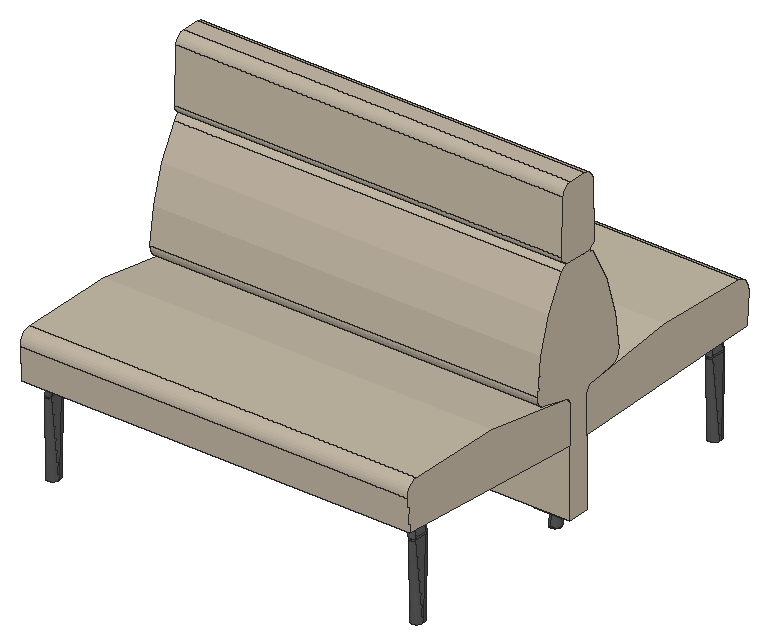
Revit family "FU_Modular_Sandler_Ambit 1067", category Furniture, Revit 2020
Family settings
  OmniClass Number = 23.40.20.00
  OmniClass Title = General Furniture and Specialties
  Work Plane-Based = No
  Always vertical = Yes
  Cut with Voids When Loaded = No
  Shared = No
  Room Calculation Point = No
Parameters (values of type "Ambit 1067")
  Width = 1200 mm
  URL = "https://www.sandlerseating.com/product/ambit-1067/"
  Seat [instance] = Fabric - Mainline Flax - Upminster MLF20
  Panel Height = 990 mm
  Panel [instance] = Fabric - Mainline Flax - Upminster MLF20
  Model = "Ambit 1067"
  Manufacturer = "Sandler"
  Back Height = 770 mm
  Frame [instance] = Metal - Paint -AL VR - Matt Jet Black
  Description = "Modular seating system. Upholstered seat and back, with feet in cast aluminium."
  Depth = 1320 mm
  Default Elevation = 0 mm
  Back [instance] = Fabric - Mainline Flax - Upminster MLF20
Reference planes
  plane 1 "Center (Front/Back)": y = 0
  plane 2: z = 0
  plane 3 "Center (Left/Right)": x = 0
  plane 4 "Right": x = -600
  plane 5 "Left": x = 600
  plane 6 "Back": y = 660
  plane 7 "Front": y = -660
  plane 8 "Height": z = 770
  plane 9 "Seat height": z = 430
  plane 10 "Panel Height": z = 990
Dimensions and locks
  equal spacing: plane 4 "Right", plane 3 "Center (Left/Right)", plane 5 "Left"
  "Width": plane 4 "Right" to plane 5 "Left"
  equal spacing: plane 6 "Back", plane 1 "Center (Front/Back)", plane 7 "Front"
  "Depth": plane 6 "Back" to plane 7 "Front"
  "Back Height": plane 8 "Height" to level
  plane 9 "Seat height" to level = 430 mm
  "Panel Height": plane 10 "Panel Height" to level
  aligned and locked: level to plane 2
Nested families
  nested 1: "Ambit DoubleBack" at (0, 0, 0), Back <- "Back", Frame <- "Frame", type "1200mm Double Back"
    with Frame Metal - Paint -AL VR - Matt Jet Black, Back Fabric - Mainline Flax - Upminster MLF20
  nested 2: "Ambit Double-Panel" at (0, 0, 0), Panel <- "Panel", type "1200mm Double Panel"
    with Panel Fabric - Mainline Flax - Upminster MLF20
  nested 3: "Ambit Seat" at (0, -310, 0), Frame <- "Frame", Seat <- "Seat", type "Seat 1200mm"
    with Seat Fabric - Mainline Flax - Upminster MLF20, Frame Metal - Paint -AL VR - Matt Jet Black
  nested 4: "Ambit Seat" at (0, 310, 0), Frame <- "Frame", Seat <- "Seat", type "Seat 1200mm"
    with Seat Fabric - Mainline Flax - Upminster MLF20, Frame Metal - Paint -AL VR - Matt Jet Black
Definition of nested family "Ambit DoubleBack"
  Parameters (values of type "1200mm Double Back")
    Width = 1200 mm
    Height = 770 mm
    Frame [instance] = none
    Depth = 320 mm
    Default Elevation = 0 mm
    Back [instance] = none
  Types (3, lengths in mm): name | Width
    (no name) | 1200
    800mm Double Back | 800
    1200mm Double Back | 1200
  Reference planes
    plane 1 "Center (Front/Back)": y = 0
    plane 2: z = 0
    plane 3 "Center (Left/Right)": x = 0
    plane 4 "Right": x = -600
    plane 5 "Left": x = 600
    plane 6 "Back": y = 160
    plane 7 "Front": y = -160
    plane 8 "Height": z = 770
    plane 9 "Seat height": z = 430
    plane 10 "Back Foot Right": x = -530.534
    plane 11 "Back Foot Left": x = 530.534
  Forms (mm)
    Revolve 1, solid, material <- "Frame"
      sketch origin (-530.534, 0, 0) x (0, 0, 1) y (0, -1, 0)
        loop
          line (40.637, 14.262) -> (2.1, 17.115)
          arc (2.1, 17.115) -> (0.817, 16.784) -> (0, 15.742) r 2.065
          line (0, 15.742) -> (0, -0.276) -> (48.022, -0.276) -> (48.022, 19.244) -> (46.076, 19.244)
          arc (46.076, 19.244) -> (44.432, 15.579) -> (40.637, 14.262) r 5.065
        axis (48.022, -0.276) -> (0, -0.276)
      angle from 0 to 360
    Extrusion 2, solid, material <- "Frame"
      sketch origin (-0.482, -318.685, 51.603) x (0, -1, 0) y (1, 0, 0)
        loop
          arc (-347.852, 490.046) -> (-347.258, 488.613) -> (-345.824, 488.019) r 2.027
          line (-345.824, 488.019) -> (-291.875, 488.019)
          arc (-291.875, 488.019) -> (-290.444, 488.611) -> (-289.852, 490.042) r 2.023
          line (-289.852, 490.042) -> (-289.852, 572.037)
          arc (-289.852, 572.037) -> (-290.431, 573.436) -> (-291.83, 574.016) r 1.978
          line (-291.83, 574.016) -> (-345.837, 574.016)
          arc (-345.837, 574.016) -> (-347.262, 573.426) -> (-347.852, 572.001) r 2.015
          line (-347.852, 572.001) -> (-347.852, 490.046)
      from -5.528 to 0
    Revolve 3, solid, material <- "Frame"
      sketch origin (530.534, 0, 0) x (0, 0, 1) y (0, -1, 0)
        loop
          line (40.637, 14.262) -> (2.1, 17.115)
          arc (2.1, 17.115) -> (0.817, 16.784) -> (0, 15.742) r 2.065
          line (0, 15.742) -> (0, -0.276) -> (48.022, -0.276) -> (48.022, 19.244) -> (46.076, 19.244)
          arc (46.076, 19.244) -> (44.432, 15.579) -> (40.637, 14.262) r 5.065
        axis (48.022, -0.276) -> (0, -0.276)
      angle from 0 to 360
    Extrusion 4, solid, material <- "Frame"
      sketch origin (0.482, -318.685, 51.603) x (0, -1, 0) y (1, 0, 0)
        loop
          line (-347.852, -490.046) -> (-347.852, -572.001)
          arc (-347.852, -572.001) -> (-347.262, -573.426) -> (-345.837, -574.016) r 2.015
          line (-345.837, -574.016) -> (-291.83, -574.016)
          arc (-291.83, -574.016) -> (-290.431, -573.436) -> (-289.852, -572.037) r 1.978
          line (-289.852, -572.037) -> (-289.852, -490.042)
          arc (-289.852, -490.042) -> (-290.444, -488.611) -> (-291.875, -488.019) r 2.023
          line (-291.875, -488.019) -> (-345.824, -488.019)
          arc (-345.824, -488.019) -> (-347.258, -488.613) -> (-347.852, -490.046) r 2.027
      from -5.528 to 0
    Extrusion 5, solid, material <- "Back"
      sketch origin (0, 0, 0) x (0, 1, 0) y (0, 0, 1)
        loop
          line (-33, 51.603) -> (33, 51.603) -> (33, 376.265)
          arc (33, 376.265) -> (37.75, 387.916) -> (48.518, 394.425) r 20
          arc (48.518, 394.425) -> (88.097, 402.963) -> (127.858, 410.609) r 1800.168
          arc (127.858, 410.609) -> (148.84, 423.03) -> (156.619, 446.139) r 35
          arc (156.619, 446.139) -> (130.105, 606.219) -> (62.425, 753.69) r 611.524
          arc (62.425, 753.69) -> (49.728, 765.652) -> (32.833, 770) r 35
          line (32.833, 770) -> (-32.833, 770)
          arc (-32.833, 770) -> (-49.728, 765.652) -> (-62.425, 753.69) r 35
          arc (-62.425, 753.69) -> (-130.105, 606.219) -> (-156.619, 446.139) r 611.524
          arc (-156.619, 446.139) -> (-148.84, 423.03) -> (-127.858, 410.609) r 35
          arc (-127.858, 410.609) -> (-88.097, 402.963) -> (-48.518, 394.425) r 1800.168
          arc (-48.518, 394.425) -> (-37.75, 387.916) -> (-33, 376.265) r 20
          line (-33, 376.265) -> (-33, 51.603)
      from -600 to 600
  Dimensions and locks
    equal spacing: plane 4 "Right", plane 3 "Center (Left/Right)", plane 5 "Left"
    "Width": plane 4 "Right" to plane 5 "Left"
    equal spacing: plane 6 "Back", plane 1 "Center (Front/Back)", plane 7 "Front"
    "Depth": plane 6 "Back" to plane 7 "Front"
    "Height": plane 8 "Height" to level
    plane 9 "Seat height" to level = 430 mm
    locked: plane 4 "Right" to plane 10 "Back Foot Right" at 69.466
    locked: plane 11 "Back Foot Left" to plane 5 "Left" at 69.466
    aligned and locked: level to plane 2
    aligned and locked: plane 4 "Right" to Extrusion 5
    aligned and locked: Extrusion 5 to plane 5 "Left"
  Automatic sketch dimensions
    plane 5 "Left" to Extrusion 2 sketch curve = 110.435 mm
    Extrusion 2 sketch curve to plane 6 "Back" = 130.833 mm
    Extrusion 2 sketch curve to Extrusion 2 sketch curve = 2.015 mm
    Extrusion 2 sketch curve to Extrusion 2 sketch curve = 2.027 mm
    Extrusion 2 sketch curve to Extrusion 2 sketch curve = 53.95 mm
    Extrusion 2 sketch curve to Extrusion 2 sketch curve = 54.007 mm
    Extrusion 2 sketch curve to Extrusion 2 sketch curve = 2.023 mm
    plane 5 "Left" to Extrusion 2 sketch curve = 28.481 mm
    Extrusion 4 sketch curve to plane 4 "Right" = 110.435 mm
    Extrusion 4 sketch curve to plane 6 "Back" = 130.833 mm
    Extrusion 4 sketch curve to Extrusion 4 sketch curve = 2.015 mm
    Extrusion 4 sketch curve to Extrusion 4 sketch curve = 2.027 mm
    Extrusion 4 sketch curve to Extrusion 4 sketch curve = 53.95 mm
    Extrusion 4 sketch curve to Extrusion 4 sketch curve = 54.007 mm
    Extrusion 4 sketch curve to Extrusion 4 sketch curve = 2.023 mm
    Extrusion 4 sketch curve to plane 4 "Right" = 28.481 mm
    Extrusion 5 sketch curve to plane 8 "Height" = 0 mm
    Extrusion 5 sketch curve to plane 7 "Front" = 287.893 mm
    Extrusion 5 sketch curve to plane 9 "Seat height" = 2.863 mm  (x2)
    Extrusion 5 sketch curve to plane 7 "Front" = 294.609 mm
    plane 9 "Seat height" to Extrusion 5 sketch curve = 15.052 mm  (x2)
    plane 7 "Front" to Extrusion 5 sketch curve = 38.364 mm
    plane 1 "Center (Front/Back)" to Extrusion 5 sketch curve = 52.955 mm
    plane 1 "Center (Front/Back)" to Extrusion 5 sketch curve = 33 mm
    plane 1 "Center (Front/Back)" to Extrusion 5 sketch curve = 32.833 mm
    Extrusion 5 sketch curve to plane 1 "Center (Front/Back)" = 32.833 mm
    Extrusion 5 sketch curve to plane 1 "Center (Front/Back)" = 33 mm
    Extrusion 5 sketch curve to Extrusion 5 sketch curve = 19.955 mm
    Extrusion 5 sketch curve to plane 6 "Back" = 38.364 mm
    plane 6 "Back" to Extrusion 5 sketch curve = 294.609 mm
    plane 6 "Back" to Extrusion 5 sketch curve = 287.893 mm
    Extrusion 5 sketch curve to plane 9 "Seat height" = 53.735 mm  (x2)
    Extrusion 5 sketch curve to Extrusion 5 sketch curve = 1.342 mm  (x2)
    level to Extrusion 5 sketch curve = 51.603 mm
    Extrusion 5 sketch curve to level = 1360.883 mm
    Extrusion 5 sketch curve to Extrusion 5 sketch curve = 0 mm  (x6)
    Extrusion 5 sketch curve to Extrusion 5 sketch curve = 35 mm  (x2)
    plane 7 "Front" to Extrusion 5 sketch curve = 3.381 mm
    Revolve 3 sketch curve to level = 0 mm
    Revolve 3 sketch curve to level = 1.947 mm
    Revolve 3 sketch curve to Revolve 3 sketch curve = 0.152 mm
    Revolve 3 sketch curve to plane 1 "Center (Front/Back)" = 14.262 mm
    Revolve 3 sketch curve to Revolve 3 sketch curve = 38.537 mm
    Revolve 3 sketch curve to Revolve 3 sketch curve = 0.374 mm
    Revolve 3 sketch curve to Revolve 3 sketch curve = 5.064 mm
    plane 1 "Center (Front/Back)" to Revolve 3 sketch curve = 0.276 mm  (x2)
    Revolve 3 sketch curve to Revolve 3 sketch curve = 7.385 mm
    Revolve 3 sketch curve to plane 1 "Center (Front/Back)" = 15.056 mm
    Revolve 3 sketch curve to Revolve 3 sketch curve = 0.686 mm
    Revolve 3 sketch curve to Revolve 3 sketch curve = 4.982 mm
    level to Revolve 3 sketch curve = 4.899 mm
    Revolve 3 sketch curve to Revolve 3 sketch curve = 5 mm
    Revolve 1 sketch curve to level = 0 mm
    level to Revolve 1 sketch curve = 1.947 mm
    Revolve 1 sketch curve to Revolve 1 sketch curve = 0.152 mm
    plane 1 "Center (Front/Back)" to Revolve 1 sketch curve = 14.262 mm
    Revolve 1 sketch curve to Revolve 1 sketch curve = 38.537 mm
    Revolve 1 sketch curve to Revolve 1 sketch curve = 0.374 mm
    Revolve 1 sketch curve to Revolve 1 sketch curve = 5.064 mm
    Revolve 1 sketch curve to plane 1 "Center (Front/Back)" = 0.276 mm  (x2)
    Revolve 1 sketch curve to Revolve 1 sketch curve = 7.385 mm
    plane 1 "Center (Front/Back)" to Revolve 1 sketch curve = 15.056 mm
    Revolve 1 sketch curve to Revolve 1 sketch curve = 0.686 mm
    Revolve 1 sketch curve to Revolve 1 sketch curve = 4.982 mm
    Revolve 1 sketch curve to level = 4.899 mm
    Revolve 1 sketch curve to Revolve 1 sketch curve = 5 mm
Definition of nested family "Ambit Double-Panel"
  Parameters (values of type "1200mm Double Panel")
    Width = 1200 mm
    URL = ""
    Panel [instance] = none
    Overall Height = 990 mm
    Model = ""
    Manufacturer = ""
    Back Height = 770 mm
    Description = "Modular seating system."
    Depth = 700 mm
    Default Elevation = 0 mm
  Types (3, lengths in mm): name | Width
    (no name) | 1200
    800mm Double Panel | 800
    1200mm Double Panel | 1200
  Reference planes
    plane 1 "Center (Front/Back)": y = 0
    plane 2: z = 0
    plane 3 "Center (Left/Right)": x = 0
    plane 4 "Right": x = -600
    plane 5 "Left": x = 600
    plane 6 "Back": y = 350
    plane 7 "Front": y = -350
    plane 8 "Back Height": z = 770
    plane 9 "Seat height": z = 430
    plane 10 "Panel Height": z = 990
  Forms (mm)
    Extrusion 1, solid, material <- "Panel"
      sketch origin (600, -318.284, 0) x (0, -1, 0) y (0, 0, 1)
        loop
          arc (-256.086, 794.464) -> (-258.115, 877.998) -> (-261.552, 961.487) r 4957.368
          arc (-261.552, 961.487) -> (-270.834, 981.732) -> (-291.515, 990) r 30
          line (-291.515, 990) -> (-345.053, 990)
          arc (-345.053, 990) -> (-365.734, 981.732) -> (-375.016, 961.487) r 30
          arc (-375.016, 961.487) -> (-378.453, 877.998) -> (-380.483, 794.464) r 4957.368
          arc (-380.483, 794.464) -> (-373.567, 777.189) -> (-356.404, 770) r 24.082
          line (-356.404, 770) -> (-280.164, 770)
          arc (-280.164, 770) -> (-263.001, 777.189) -> (-256.086, 794.464) r 24.082
      from 0 to 1200
  Dimensions and locks
    equal spacing: plane 4 "Right", plane 3 "Center (Left/Right)", plane 5 "Left"
    "Width": plane 4 "Right" to plane 5 "Left"
    equal spacing: plane 6 "Back", plane 1 "Center (Front/Back)", plane 7 "Front"
    "Depth": plane 6 "Back" to plane 7 "Front"
    "Back Height": plane 8 "Back Height" to level
    plane 9 "Seat height" to level = 430 mm
    "Overall Height": plane 10 "Panel Height" to level
    aligned and locked: level to plane 2
    aligned and locked: plane 4 "Right" to Extrusion 1
    aligned and locked: Extrusion 1 to plane 5 "Left"
  Automatic sketch dimensions
    Extrusion 1 sketch curve to plane 8 "Back Height" = 0 mm
    Extrusion 1 sketch curve to plane 10 "Panel Height" = 0 mm
    Extrusion 1 sketch curve to plane 8 "Back Height" = 54.159 mm  (x2)
    plane 6 "Back" to Extrusion 1 sketch curve = 4544.546 mm
    Extrusion 1 sketch curve to plane 1 "Center (Front/Back)" = 38.12 mm
    Extrusion 1 sketch curve to plane 1 "Center (Front/Back)" = 26.769 mm
    plane 1 "Center (Front/Back)" to Extrusion 1 sketch curve = 26.769 mm
    plane 1 "Center (Front/Back)" to Extrusion 1 sketch curve = 38.12 mm
    Extrusion 1 sketch curve to plane 7 "Front" = 4544.546 mm
    plane 8 "Back Height" to Extrusion 1 sketch curve = 24.082 mm  (x2)
    Extrusion 1 sketch curve to Extrusion 1 sketch curve = 30 mm  (x2)
    Extrusion 1 sketch curve to Extrusion 1 sketch curve = 0 mm  (x2)
Definition of nested family "Ambit Seat"
  Parameters (values of type "Seat 800mm")
    Width = 800 mm
    URL = ""
    Seat [instance] = none
    Model = ""
    Manufacturer = ""
    Height = 770 mm
    Frame [instance] = none
    Description = "Modular seating system."
    Depth = 700 mm
    Default Elevation = 0 mm
  Types (3, lengths in mm): name | Width
    (no name) | 800
    Seat 800mm | 800
    Seat 1200mm | 1200
  Reference planes
    plane 1 "Center (Front/Back)": y = 0
    plane 2: z = 0
    plane 3 "Center (Left/Right)": x = 0
    plane 4 "Right": x = -400
    plane 5 "Left": x = 400
    plane 6 "Back": y = 350
    plane 7 "Front": y = -350
    plane 8 "Height": z = 770
    plane 9 "Seat height": z = 430
    plane 10 "FFT C RIGHT": z = 285.404
    plane 11 "Frame Left": x = -364
    plane 12 "Frame Right": x = 364
  Forms (mm)
    SweptBlend 1, solid, material <- "Frame"
      path origin (0, -265.648, 0) x (0, 0, -1) y (1, 0, 0)
        loop
          line (0, 364.075) -> (-239.72, 364.075)
      profile "Pro_Ambit_FFoot : Pro_Ambit_FFoot" origin (364.075, -265.648, 0) x (-1, 0, 0) y (0, -1, 0)
        loop
          arc (17.452, 3.305) -> (0, 20.142) -> (-17.452, 3.305) r 17.463
          line (-17.452, 3.305) -> (-17.452, -3.305)
          arc (-17.452, -3.305) -> (0, -20.142) -> (17.452, -3.305) r 17.463
          line (17.452, -3.305) -> (17.452, 3.305)
      end profile "Pro_Ambit_FF : Pro_Ambit_FF" origin (364.075, -265.648, 239.72) x (-1, 0, 0) y (0, -1, 0)
        loop
          arc (-10, -20.066) -> (0, -30.066) -> (10, -20.066) r 10
          line (10, -20.066) -> (10, 20.066)
          arc (10, 20.066) -> (0, 30.066) -> (-10, 20.066) r 10
          line (-10, 20.066) -> (-10, -20.066)
    Sweep 2, solid, material <- "Frame"
      path origin (0, -265.648, 0) x (0, 0, -1) y (1, 0, 0)
        loop
          line (-234.72, -364.14) -> (-239.72, -364.14)
          arc (-239.72, -364.14) -> (-272.419, -345.952) -> (-285.404, -310.86) r 53.912
          line (-285.404, -310.86) -> (-285.404, 310.86)
          arc (-285.404, 310.86) -> (-272.419, 345.952) -> (-239.72, 364.14) r 53.912
          line (-239.72, 364.14) -> (-234.72, 364.14)
      profile "Pro_Ambit_FF : Pro_Ambit_FF" origin (0, -265.648, 285.404) x (0, 0, 1) y (0, -1, 0)
        loop
          arc (-10, -20.066) -> (0, -30.066) -> (10, -20.066) r 10
          line (10, -20.066) -> (10, 20.066)
          arc (10, 20.066) -> (0, 30.066) -> (-10, 20.066) r 10
          line (-10, 20.066) -> (-10, -20.066)
    SweptBlend 3, solid, material <- "Frame"
      path origin (0, -265.648, 0) x (0, 0, -1) y (-1, 0, 0)
        loop
          line (0, 364.075) -> (-239.72, 364.075)
      profile "Pro_Ambit_FFoot : Pro_Ambit_FFoot" origin (-364.075, -265.648, 0) x (-1, 0, 0) y (0, -1, 0)
        loop
          line (-17.452, 3.305) -> (-17.452, -3.305)
          arc (-17.452, -3.305) -> (0, -20.142) -> (17.452, -3.305) r 17.463
          line (17.452, -3.305) -> (17.452, 3.305)
          arc (17.452, 3.305) -> (0, 20.142) -> (-17.452, 3.305) r 17.463
      end profile "Pro_Ambit_FF : Pro_Ambit_FF" origin (-364.075, -265.648, 239.72) x (-1, 0, 0) y (0, -1, 0)
        loop
          line (-10, 20.066) -> (-10, -20.066)
          arc (-10, -20.066) -> (0, -30.066) -> (10, -20.066) r 10
          line (10, -20.066) -> (10, 20.066)
          arc (10, 20.066) -> (0, 30.066) -> (-10, 20.066) r 10
    Extrusion 4, solid, material <- "Seat"
      sketch origin (-400, 0, 0) x (0, -1, 0) y (0, 0, 1)
        loop
          line (343.115, 289.761) -> (350.038, 388.028)
          arc (350.038, 388.028) -> (340.698, 416.645) -> (314.05, 430.647) r 40
          arc (314.05, 430.647) -> (24.831, 435.731) -> (-261.468, 394.425) r 1800.168
          arc (-261.468, 394.425) -> (-272.664, 387.398) -> (-277.031, 374.923) r 20
          line (-277.031, 374.923) -> (-277.031, 260.098) -> (343.115, 289.761)
      from -800 to 0
  Dimensions and locks
    equal spacing: plane 4 "Right", plane 3 "Center (Left/Right)", plane 5 "Left"
    "Width": plane 4 "Right" to plane 5 "Left"
    equal spacing: plane 6 "Back", plane 1 "Center (Front/Back)", plane 7 "Front"
    "Depth": plane 6 "Back" to plane 7 "Front"
    "Height": plane 8 "Height" to level
    plane 9 "Seat height" to level = 430 mm
    locked: plane 4 "Right" to plane 11 "Frame Left" at 36
    locked: plane 12 "Frame Right" to plane 5 "Left" at 36
    aligned and locked: level to plane 2
    aligned and locked: plane 4 "Right" to Extrusion 4
    aligned and locked: Extrusion 4 to plane 5 "Left"
  Automatic sketch dimensions
    SweptBlend 1 sketch curve to level = 0 mm
    SweptBlend 1 sketch curve to plane 10 "FFT C RIGHT" = 45.683 mm
    Sweep 2 sketch curve to plane 10 "FFT C RIGHT" = 0 mm
    Sweep 2 sketch curve to plane 10 "FFT C RIGHT" = 45.683 mm  (x2)
    Sweep 2 sketch curve to plane 10 "FFT C RIGHT" = 53.912 mm  (x2)
    Sweep 2 sketch curve to plane 4 "Right" = 89.14 mm
    Sweep 2 sketch curve to Sweep 2 sketch curve = 5 mm  (x2)
    SweptBlend 3 sketch curve to level = 0 mm
    plane 4 "Right" to SweptBlend 3 sketch curve = 35.925 mm
    plane 10 "FFT C RIGHT" to SweptBlend 3 sketch curve = 45.683 mm
    Extrusion 4 sketch curve to Extrusion 4 sketch curve = 20 mm
    plane 7 "Front" to Extrusion 4 sketch curve = 39.864 mm
    plane 7 "Front" to Extrusion 4 sketch curve = 6.885 mm
    Extrusion 4 sketch curve to plane 7 "Front" = 0.038 mm
    Extrusion 4 sketch curve to level = 1360.883 mm
    Extrusion 4 sketch curve to plane 10 "FFT C RIGHT" = 25.306 mm
    plane 10 "FFT C RIGHT" to Extrusion 4 sketch curve = 4.357 mm
    Extrusion 4 sketch curve to plane 9 "Seat height" = 55.077 mm
    Extrusion 4 sketch curve to plane 9 "Seat height" = 41.972 mm
    Extrusion 4 sketch curve to plane 9 "Seat height" = 39.161 mm
    Extrusion 4 sketch curve to Extrusion 4 sketch curve = 0 mm
    plane 5 "Left" to SweptBlend 1 sketch curve = 35.925 mm
    plane 5 "Left" to Sweep 2 sketch curve = 89.14 mm
    Extrusion 4 sketch curve to plane 6 "Back" = 92.969 mm
    plane 1 "Center (Front/Back)" to Extrusion 4 sketch curve = 137.907 mm
